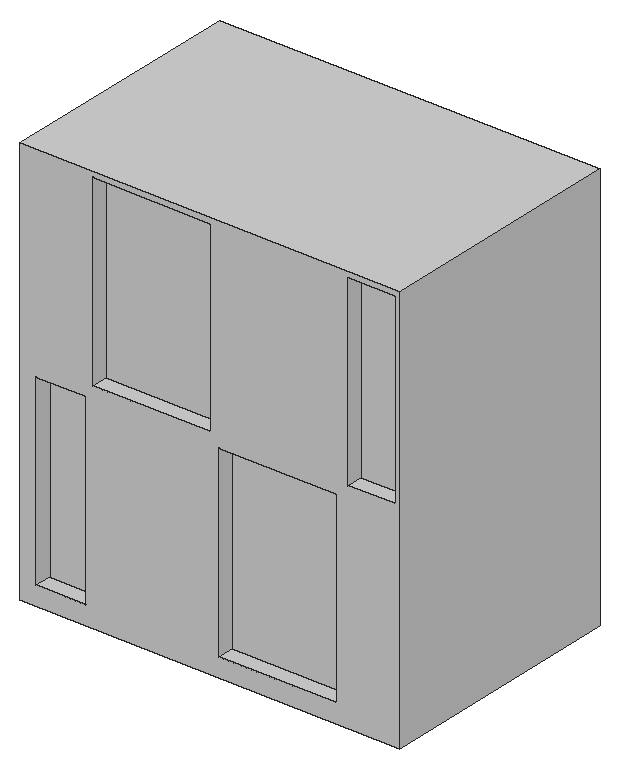
Revit family "SA 5H3W", category Mechanical Equipment, Revit 2019
Family settings
  Round Connector Dimension = Use Diameter
  Part Type = Normal
  OmniClass Number = 23.75.00.00
  OmniClass Title = Climate Control (HVAC)
  Work Plane-Based = No
  Always vertical = Yes
  Cut with Voids When Loaded = No
  Shared = No
  Room Calculation Point = No
Parameters (values of type "5H3W SA")
  Width = 5' - 4 1/2"
  Weight (lbs.) = "1863"
  URL = "www.renewaire.com"
  Model = "5H3W SA"
  Manufacturer = "Renewaire LLC"
  Length = 8' - 1 3/4"
  Housing = Metal - RenewAire - Anodized - Gray Text
  Height = 8' - 9 3/8"
  Description = "Energy Recovery Ventilator"
  Cores (L125-G5) = "15"
  Airflow Range (CFM) = "3,750-16,500"
Reference planes (in)
  plane 1 "Center (Front/Back)": y = 0
  plane 2: z = 0
  plane 3 "Center (Left/Right)": x = 0
Forms (in)
  Extrusion 1, solid, material "Metal - RenewAire - Anodized - Gray Text" <- "Housing"
    sketch origin (0, -16.07731, 0) x (0, 1, 0) y (0, 0, 1)
      loop
        line (32.26413, 125.25) -> (-32.26413, 125.25) -> (-32.26413, 19.875) -> (32.26413, 19.875) -> (32.26413, 125.25)
    from 0 to 97.75
  Extrusion 2, void
    sketch origin (1.82803, -14.11828, 19.48574) x (1, 0, 0) y (0, 0, 1)
      loop
        line (2.375, 53.375) -> (2.375, 5.25) -> (15.17072, 5.25) -> (15.17072, 53.375) -> (2.375, 53.375)
      loop
        line (49.50854, 53.375) -> (49.50854, 5.25) -> (79.83716, 5.25) -> (79.83716, 53.375) -> (49.50854, 53.375)
      loop
        line (47.32983, 104.5) -> (17.00122, 104.5) -> (17.00122, 56.375) -> (47.32983, 56.375) -> (47.32983, 104.5)
      loop
        line (82.52479, 104.5) -> (82.52479, 56.375) -> (94.89979, 56.375) -> (94.89979, 104.5) -> (82.52479, 104.5)
    from 30 to 38.22316
  Extrusion 3, void
    sketch origin (1.03232, 49.88172, -1.14653) x (1, 0, 0) y (0, 0, 1)
      loop
        line (3.17072, 74.00727) -> (3.17072, 25.88013) -> (15.96643, 25.88013) -> (15.96643, 74.00727) -> (3.17072, 74.00727)
      loop
        line (50.30426, 74.00727) -> (50.30426, 25.88013) -> (80.63287, 25.88013) -> (80.63287, 74.00727) -> (50.30426, 74.00727)
      loop
        line (48.12555, 125.13227) -> (17.79694, 125.13227) -> (17.79694, 77.00727) -> (48.12555, 77.00727) -> (48.12555, 125.13227)
      loop
        line (83.32051, 125.13227) -> (83.32051, 77.00727) -> (95.69551, 77.00727) -> (95.69551, 125.13227) -> (83.32051, 125.13227)
    from 30 to 38.22316
Cuts and joins
  Extrusion 2, Extrusion 3 cuts Extrusion 1
Dimensions and locks (in)
  aligned and locked: level to plane 2
